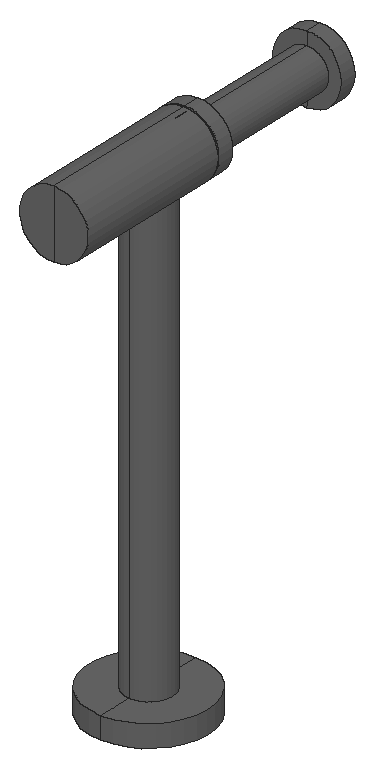
Revit family "Grohe_BottleTrap_29509KF0", category Plumbing Fixtures, host Face, Revit 2020
Family settings
  Host = Face
  Round Connector Dimension = Use Diameter
  Part Type = Normal
  OmniClass Number = 23.45.05.00
  OmniClass Title = Sanitary Equipment
  Cut with Voids When Loaded = No
  Shared = No
  Room Calculation Point = No
Parameters (values of type "Bottle trap, 1 1/4" (29509KF0)")
  _ObjectUserGuide = "https://www.bimstore.co/products/grohe-29509KF0/document/object-user-guide"
  _DistributedBy = "https://www.bimstore.co/"
  _CurrentRevision = 1
  _CreatedBy = "https://www.bimstore.co/"
  _BimSpecGuid = 0
  _BSBibleVersion = 17
  _AuthorizedBy = "bimstore"
  _Author = "AM 147"
  Waste Connection = yes
  WarrantyStartDate [instance] = "Please Record On Commissioning."
  WarrantyGuarantorParts = "info-uk@grohe.com"
  WarrantyGuarantorLabor = "info-uk@grohe.com"
  WarrantyDurationUnit = "Years"
  WarrantyDurationParts = "0"
  WarrantyDurationLabor = "0"
  WarrantyDescription = "n/a"
  Vent Connection = no
  URL = "https://www.grohe.co.uk/"
  TypeName = "Bottle trap, 1 1/4\""
  Type Comments = "Bottle trap, 1 1/4\""
  TPIDocumentLink = "https://cdn.cloud.grohe.com/tpi/1000/1600/1620/1621/1621938/original/1621938.pdf"
  SustainabilityReport = "green.grohe.com/reporting"
  SustainabilityAward = "green.grohe.com/awards"
  SpareParts = "info-uk@grohe.com"
  Size = "n/a"
  Shape = "n/a"
  SerialNumber [instance] = "Please Record On Commissioning."
  ReplacementCost = "n/a"
  ReferencedStandard = "n/a"
  ProductionYear = "2023"
  ProductType = "Inlet-, Waste- +Overflow Fitti"
  ProductShortText = "Bottle trap, 1 1/4\""
  ProductPageURL = "https://www.grohe.co.uk/en_gb/-29509KF0.html"
  ProductNumber = "29509KF0"
  ProductDescription = "for basins\r\n\r\nbrass\r\n\r\n(screw-top for cleaning)\r\n\r\nlarge sliding escutcheon\r\n\r\nGROHE Long-Life Shine finish"
  PrimaryMaterial = Grohe_MattBlack
  PQDiagramLink = "n/a"
  OffsetMin = 132.0 mm  # constant formula
  OffsetMax = 287.0 mm  # constant formula
  NominalLength = 0.0 mm
  NominalHeight = 0.0 mm
  NominalDepth = 0.0 mm
  NBSReference = "90-10-60/410"
  NBSOfficeMasterTag = "n/a"
  NBSObjectName = "Grohe - Sanitary appliance traps"
  NBSNote = "n/a"
  NBSDescription = "Sanitary appliance traps"
  ModelReference = "Bottle trap, 1 1/4\""
  ModelNumber = "29509KF0"
  Model = "Bottle trap, 1 1/4\""
  Material = "n/a"
  ManufacturerName = "Grohe"
  Manufacturer = "Grohe"
  Keynote = "N13"
  InstallationDate [instance] = "Please Record On Commissioning."
  IfcExportType = "IfcPipeFittingType"
  IfcExportAs = "IfcPipeFitting"
  HW Connection = no
  Grade = "n/a"
  GROHESustainability = "green.grohe.com"
  GROHESocialCommittment = "green.grohe.com/social_engagement"
  FullRecyclabilityOfPlastic = "All plastic components are fully recyclable"
  Finish = "n/a"
  Features = "n/a"
  ExpectedLife = 0
  Ecojoy = no
  EFSE0002 = "FALSE"
  EF025109 = "Other"
  EF022330 = "Side"
  EF021847 = "1 1/4 inch (32)"
  EF021720 = "FALSE"
  EF021719 = "FALSE"
  EF021716 = "FALSE"
  EF021715 = "FALSE"
  EF021714 = "FALSE"
  EF021713 = "FALSE"
  EF021711 = "Union nut"
  EF021710 = "Slide end"
  EF021707 = "FALSE"
  EF021703 = 32
  EF021487 = "TRUE"
  EF021480 = "TRUE"
  EF011611 = "FALSE"
  EF011610 = "90°-Bend"
  EF011596 = "Water / fluid"
  EF002169 = "Brass"
  EF000139 = "Lacquered"
  EF000051 = "Cup siphon"
  EF000007 = "Black"
  DurationUnit = "Years"
  DrainConnectionOffsetCalc [instance] = if(DrainConnectionOffset < OffsetMin, OffsetMin, if(DrainConnectionOffset > OffsetMax, OffsetMax, DrainConnectionOffset))  # 225.0 mm
  DrainConnectionOffset [instance] = 225.0 mm
  DocumentationTechnical = "https://www.bimstore.co/products/grohe-29509KF0/document/technical-data-sheet"
  DocumentationMaintenance = "https://www.bimstore.co/products/grohe-29509KF0/document/maintenance-information"
  DocumentationLiterature = "https://www.bimstore.co/products/grohe-29509KF0/document/product-literature"
  DocumentationInstallationGuide = "https://www.bimstore.co/products/grohe-29509KF0/document/installation-guide"
  DocumentationCertificates = "https://www.bimstore.co/products/grohe-29509KF0/document/product-certificates"
  DimensionsDocumentLink = "https://cdn.cloud.grohe.com/dimdraw/800/850/851/851888/1280/851888.jpg"
  Description = "Bottle trap, 1 1/4\""
  Default Elevation = 0.0 mm
  CreatedOn = "2023-03-01T09:00:00"
  CreatedBy = "info-uk@grohe.com"
  CradleToCradleCertification = "n/a"
  Cost = 0
  Constituents = "n/a"
  Color = "Matt Black"
  CodePerformance = "n/a"
  ClassificationValue = "Pr_65_52_25_75"
  ClassificationName = "Uniclass2015"
  CW Connection = no
  CO2NeutralProduction = "GROHE is one of the first leading manufacturer within the sanitary industry having a CO2-neutral production."
  BarCode [instance] = "Please Record On Commissioning."
  BIMObjectName = "Grohe_BottleTrap_29509KF0"
  AssetType = "Fixed"
  AssetIdentifier [instance] = "n/a"
  Assembly Code = "D2010"
  AccessibilityPerformance = "n/a"
Reference planes
  plane 1 "Center (Front/Back)": y = 0
  plane 2: z = 0
  plane 3 "Center (Left/Right)": x = 0
  plane 4: z = 330
  plane 5: y = -80
Forms (mm)
  Revolve 1, solid, material "Grohe_MattBlack" <- "PrimaryMaterial"
    sketch origin (0, 0, 0) x (0, 1, 0) y (0, 0, 1)
      loop
        line (0, 330) -> (0, 0) -> (16, 0) -> (16, 330) -> (0, 330)
      axis (0, 330) -> (0, 0)
    angle from 0 to 360
  Revolve 2, solid, material "Grohe_MattBlack" <- "PrimaryMaterial", detail levels medium+fine
    sketch origin (0, 0, 0) x (0, 1, 0) y (0, 0, 1)
      loop
        line (16, 15) -> (16, 0) -> (40, 0) -> (40, 15) -> (16, 15)
      axis (0, 15) -> (0, 0)
    angle from 0 to 360
  Revolve 3, solid, material "Grohe_MattBlack" <- "PrimaryMaterial", detail levels medium+fine
    sketch origin (0, 0, 0) x (0, 1, 0) y (0, 0, 1)
      loop
        line (29.5, 353.08) -> (-80, 353.08) -> (-80, 330) -> (0, 330) -> (0, 344.194) -> (41.836, 344.194) -> (41.836, 353.08) -> (30.836, 353.08) -> (30.836, 348.08) -> (29.5, 348.08) -> (29.5, 353.08)
      axis (41.836, 330) -> (-80, 330)
    angle from 0 to 360
  Revolve 4, solid, material "Grohe_MattBlack" <- "PrimaryMaterial"
    sketch origin (0, 0, 0) x (0, 1, 0) y (0, 0, 1)
      loop
        line (134, 353.286) -> (134, 344.194) -> (0, 344.194) -> (0, 330) -> (137.5, 330) -> (137.5, 346) -> (145, 346) -> (145, 353.286) -> (134, 353.286)
      axis (0, 330) -> (145, 330)
    angle from 0 to 360
  Revolve 5, solid, material "Grohe_MattBlack" <- "PrimaryMaterial", detail levels coarse
    sketch origin (0, 0, 0) x (0, 1, 0) y (0, 0, 1)
      loop
        line (41.836, 353.08) -> (-80, 353.08) -> (-80, 330) -> (0, 330) -> (0, 344.194) -> (41.836, 344.194) -> (41.836, 353.08)
      axis (-80, 330) -> (41.836, 330)
    angle from 0 to 360
Lines and regions (mm)
  reference lines
    curve 1: line (0, 145, 280) -> (0, 145, 380)
Dimensions and locks
  plane 4 to host face = 330.0 mm
  locked: plane 1 "Center (Front/Back)" to plane 5 at 80
  "DrainConnectionOffsetCalc": curve 1 to plane 5
  locked: curve 1 to Revolve 4 sketch curve at 7.5
  locked: curve 1 to Revolve 4 sketch curve at 11
  aligned and locked: plane 2 to host face
  aligned and locked: level to host face
  aligned and locked: Revolve 4 sketch curve to plane 4
  aligned and locked: plane 1 "Center (Front/Back)" to Revolve 4 sketch curve
  aligned and locked: Revolve 4 sketch curve to curve 1
  aligned and locked: plane 4 to Revolve 4 sketch curve
Automatic sketch dimensions
  host sketch curve to host sketch curve = 2438.4 mm  (x2)
  Revolve 1 sketch curve to plane 1 "Center (Front/Back)" = 0.0 mm  (x2)
  Revolve 1 sketch curve to level = 0.0 mm  (x2)
  Revolve 1 sketch curve to plane 4 = 0.0 mm
  Revolve 1 sketch curve to Revolve 1 sketch curve = 16.0 mm
  Revolve 1 sketch curve to level = 20.0 mm
  Revolve 2 sketch curve to plane 1 "Center (Front/Back)" = 0.0 mm
  Revolve 2 sketch curve to level = 0.0 mm
  Revolve 2 sketch curve to plane 1 "Center (Front/Back)" = 16.0 mm
  Revolve 2 sketch curve to Revolve 2 sketch curve = 24.0 mm
  Revolve 2 sketch curve to Revolve 2 sketch curve = 15.0 mm
  Revolve 2 sketch curve to level = 6.039 mm
  Revolve 2 sketch curve to Revolve 2 sketch curve = 11.902 mm
  plane 4 to Revolve 4 sketch curve = 14.194 mm
  Revolve 4 sketch curve to Revolve 4 sketch curve = 1.806 mm
  Revolve 4 sketch curve to Revolve 4 sketch curve = 7.286 mm
  Revolve 4 sketch curve to Revolve 4 sketch curve = 0.0 mm
  Revolve 4 sketch curve to Revolve 4 sketch curve = 7.5 mm
  Revolve 3 sketch curve to plane 4 = 0.0 mm  (x2)
  Revolve 3 sketch curve to plane 5 = 0.0 mm
  Revolve 3 sketch curve to plane 1 "Center (Front/Back)" = 0.0 mm
  Revolve 3 sketch curve to plane 1 "Center (Front/Back)" = 29.5 mm
  Revolve 3 sketch curve to Revolve 3 sketch curve = 1.336 mm
  Revolve 3 sketch curve to Revolve 3 sketch curve = 11.0 mm
  plane 4 to Revolve 3 sketch curve = 18.08 mm
  Revolve 3 sketch curve to Revolve 3 sketch curve = 5.0 mm
  Revolve 3 sketch curve to Revolve 3 sketch curve = 0.0 mm
  Revolve 3 sketch curve to plane 5 = 22.489 mm
  Revolve 3 sketch curve to Revolve 3 sketch curve = 14.536 mm
  Revolve 3 sketch curve to Revolve 3 sketch curve = 8.886 mm
  Revolve 5 sketch curve to plane 5 = 0.0 mm
  Revolve 5 sketch curve to plane 1 "Center (Front/Back)" = 0.0 mm  (x2)
  Revolve 5 sketch curve to plane 4 = 0.0 mm  (x2)
  Revolve 5 sketch curve to plane 1 "Center (Front/Back)" = 41.836 mm
  plane 4 to Revolve 5 sketch curve = 14.194 mm
  Revolve 5 sketch curve to Revolve 5 sketch curve = 8.886 mm
  Revolve 5 sketch curve to Revolve 5 sketch curve = 0.0 mm
  curve 1 to plane 4 = 50.0 mm
  plane 4 to curve 1 = 50.0 mm
Connectors
  piping at (0, 0, 0), diameter 32
    settings: on Revolve 2, index 2, connector inside diameter 609.6 mm, connector length 0.0 mm, flow factor 0, pipe flow 0.0 L/s, pressure drop 0.0 Pa, fitting loss kfactor 0, connector angle 0.00°, fixture units 0, engagement length 0.0 mm, angle of deflection 0.00°, flow configuration 0, flow direction 2, fitting loss method 0, system type 16, joint type 0, gender type 0, connector reference index -1, connector utility 0, adjustable connector no, is connector primary yes, connector description ""
